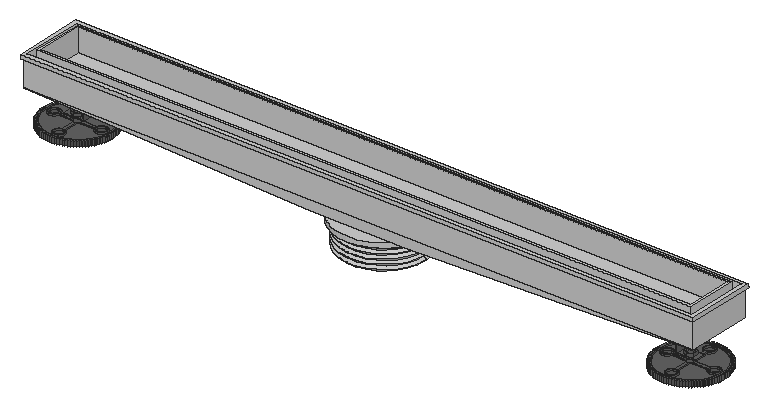
Revit family "C8971-Linear Shower Drain - 28 inch ", category Generic Models, Revit 2022
Family settings
  Can host rebar = No
  Round Connector Dimension = Use Diameter
  Part Type = Normal
  Work Plane-Based = No
  Always vertical = Yes
  Cut with Voids When Loaded = No
  Maintain Annotation Orientation = No
  Shared = No
  Room Calculation Point = No
Parameters (values of type "C8971- 28" linear Shower Drain (Tile-in)")
  Width = 70 mm
  URL = "https://kromedispense.co.in/"
  Model = "C8971"
  Length = 712 mm
  Holder Material = 4
  Gare Material = 3
  Gare Matel Material = 2
  Fram Material = 4
  Default Elevation = 0 mm
Reference planes
  plane 1 "Center (Front/Back)": y = 0
  plane 2: z = 0
  plane 3 "Center (Left/Right)": x = 0
  plane 4: x = -356
  plane 5: x = 356
  plane 6: y = 35
  plane 7: y = -35
  plane 8 "3": z = 73
  plane 9 "1": z = 31
  plane 10 "2": z = 41
  plane 11: x = -50
  plane 12: x = 50
  plane 13: x = -306
  plane 14: x = 306
Forms (mm)
  Sweep 1, solid, material "4" <- "Fram Material"
    path origin (0, 0, 73) x (-1, 0, 0) y (0, -1, 0)
      loop
        line (356, -35) -> (356, 35) -> (-356, 35) -> (-356, -35) -> (356, -35)
    profile origin (-356, 0, 73) x (1, 0, 0) y (0, 0, 1)
      loop
        line (-2, 0) -> (-2, -4) -> (0, -4) -> (0, -32) -> (2, -32) -> (2, 0) -> (-2, 0)
  Extrusion 2, solid, material "4" <- "Fram Material"
    sketch origin (0, 0, 0) x (1, 0, 0) y (0, 0, 1)
      loop
        line (-356, 41) -> (-50, 31) -> (50, 31) -> (356, 41) -> (-356, 41)
    from -35 to 35
  Extrusion 3, solid, material "2"
    sketch origin (-356, 0, 41) x (1, 0, 0) y (0, 1, 0)
      loop
        line (2, 33) -> (2, -33) -> (710, -33) -> (710, 33) -> (2, 33)
    from 0 to 1
  Sweep 4, solid, material "4" <- "Fram Material"
    path origin (-358, 37, 73) x (0, -1, 0) y (1, 0, 0)
      loop
        line (70, 4) -> (70, 712) -> (4, 712) -> (4, 4) -> (70, 4)
    profile origin (0, -33, 73) x (0, 1, 0) y (0, 0, 1)
      loop
        line (8, 3) -> (6, 3) -> (6, -31) -> (8, -31) -> (8, 3)
  Extrusion 5, solid, material "4" <- "Fram Material"
    sketch origin (-356, 0, 42) x (1, 0, 0) y (0, 1, 0)
      loop
        line (10, 25) -> (10, -25) -> (702, -25) -> (702, 25) -> (10, 25)
    from 0 to 10
Dimensions and locks
  equal spacing: plane 4, plane 3 "Center (Left/Right)", plane 5
  "Length": plane 4 to plane 5
  equal spacing: plane 6, plane 1 "Center (Front/Back)", plane 7
  "Width": plane 6 to plane 7
  plane 8 "3" to plane 2 = 73 mm
  equal spacing: plane 11, plane 3 "Center (Left/Right)", plane 12, locked at 50 each
  locked: plane 4 to plane 13 at 50
  locked: plane 14 to plane 5 at 50
  aligned and locked: level to plane 2
  aligned and locked: plane 1 "Center (Front/Back)" to nested 1
  aligned and locked: plane 3 "Center (Left/Right)" to nested 1
  aligned and locked: plane 1 "Center (Front/Back)" to nested 2
  aligned and locked: nested 3 to plane 1 "Center (Front/Back)"
  aligned and locked: plane 4 to Extrusion 2 sketch curve
  aligned and locked: plane 10 "2" to Extrusion 2 sketch curve  (x2)
  aligned and locked: plane 5 to Extrusion 2 sketch curve
  aligned and locked: plane 6 to Extrusion 2
  aligned and locked: plane 7 to Extrusion 2
  aligned and locked: Extrusion 3 sketch curve to Sweep 1  (x4)
  aligned and locked: plane 6 to Sweep 1 sketch curve
  aligned and locked: Sweep 1 sketch curve to plane 4
  aligned and locked: plane 7 to Sweep 1 sketch curve
  aligned and locked: Sweep 1 sketch curve to plane 5
  aligned and locked: Sweep 4 sketch curve to Sweep 1  (x4)
  aligned and locked: nested 2 to plane 13
  aligned and locked: plane 14 to nested 3
Automatic sketch dimensions
  Sweep 1 sketch curve to plane 8 "3" = 0 mm
  profile plane to Sweep 1 sketch curve = 0 mm
  profile plane to Sweep 1 sketch curve = 2 mm
  Sweep 1 sketch curve to Sweep 1 sketch curve = 2 mm
  Sweep 1 sketch curve to plane 8 "3" = 4 mm
  Sweep 1 sketch curve to Sweep 1 sketch curve = 28 mm
  Extrusion 2 sketch curve to plane 9 "1" = 0 mm
  Extrusion 2 sketch curve to plane 11 = 0 mm
  plane 12 to Extrusion 2 sketch curve = 0 mm
  Sweep 4 sketch curve to Sweep 4 sketch curve = 2 mm
  Sweep 4 sketch curve to profile plane = 6 mm
  profile plane to Sweep 4 sketch curve = 3 mm
  Sweep 4 sketch curve to profile plane = 31 mm
  Extrusion 5 sketch curve to Extrusion 3 = 8 mm  (x4)
Nested families
  nested 1: "Holder" at (0, 0, 0), type "Holder"
  nested 2: "Gare" at (-326.4, 0, 0), type "Gare"
  nested 3: "Gare" at (326.4, 0, 0) x (-1, 0, 0) z (0, 0, 1), type "Gare"
Definition of nested family "Holder"
  Parameters (values of type "Holder")
    Gare = none
    Default Elevation = 0 mm
  Reference planes
    plane 1 "Center (Front/Back)": y = 0
    plane 2: z = 0
    plane 3 "Center (Left/Right)": x = 0
    plane 4: x = -50
    plane 5: x = 50
    plane 6: y = 50
    plane 7: y = -50
    plane 8: z = 31
  Forms (mm)
    Revolve 1, solid, material <- "Gare"
      sketch origin (0, 0, 0) x (1, 0, 0) y (0, 0, 1)
        loop
          line (0, 31) -> (0, 0) -> (42.5, 0) -> (45, 2.5) -> (42.5, 5) -> (45, 7.5) -> (42.5, 10) -> (45, 12.5) -> (42.5, 15) -> (45, 17.5) -> (42.5, 20) -> (45, 22.5) -> (42.5, 25) -> (43.5, 26) -> (50, 26) -> (50, 31) -> (0, 31)
        axis (0, 0) -> (0, 31)
      angle from 0 to 360
  Dimensions and locks
    aligned and locked: level to plane 2
Definition of nested family "Gare"
  Parameters (values of type "Gare")
    Matel = none
    Gare = none
    Default Elevation = 0 mm
  Reference planes
    plane 1 "Center (Front/Back)": y = 0
    plane 2: z = 0
    plane 3 "Center (Left/Right)": x = 0
    plane 4: x = -36.5
    plane 5: x = 36.5
    plane 6: y = 36.5
    plane 7: y = -36.5
    plane 8: z = 41
    plane 9: z = 6
    plane 10: z = 11.5
    plane 11: z = 31
    plane 12: x = 20.4
  Forms (mm)
    Extrusion 1, solid, material <- "Gare"
      sketch origin (0, 0, 0) x (1, 0, 0) y (0, 1, 0)
        loop
          line (-36.5, 0) -> (-34.614, -1.089) -> (-36.428, -2.294) -> (-34.339, -3.331) -> (-36.19, -4.75) -> (-34.035, -5.643) -> (-35.786, -7.184) -> (-33.576, -7.93) -> (-35.219, -9.586) -> (-32.964, -10.18) -> (-34.491, -11.943) -> (-32.201, -12.384) -> (-33.605, -14.246) -> (-31.29, -14.531) -> (-32.566, -16.484) -> (-30.237, -16.612) -> (-31.378, -18.646) -> (-29.046, -18.617) -> (-30.046, -20.724) -> (-27.722, -20.537) -> (-28.578, -22.706) -> (-26.271, -22.363) -> (-26.978, -24.585) -> (-24.7, -24.087) -> (-25.256, -26.352) -> (-23.016, -25.7) -> (-23.418, -27.998) -> (-21.227, -27.196) -> (-21.473, -29.516) -> (-19.341, -28.568) -> (-19.429, -30.899) -> (-17.367, -29.81) -> (-17.298, -32.141) -> (-15.314, -30.915) -> (-15.087, -33.236) -> (-13.19, -31.879) -> (-12.807, -34.18) -> (-11.006, -32.697) -> (-10.468, -34.967) -> (-8.772, -33.366) -> (-8.082, -35.594) -> (-6.498, -33.883) -> (-5.659, -36.059) -> (-4.194, -34.244) -> (-3.21, -36.359) -> (-1.87, -34.449) -> (-0.746, -36.492) -> (0.461, -34.497) -> (1.721, -36.459) -> (2.791, -34.387) -> (4.181, -36.26) -> (5.108, -34.12) -> (6.621, -35.895) -> (7.401, -33.697) -> (9.031, -35.365) -> (9.661, -33.12) -> (11.399, -34.674) -> (11.876, -32.391) -> (13.716, -33.825) -> (14.037, -31.515) -> (15.97, -32.821) -> (16.135, -30.495) -> (18.151, -31.667) -> (18.158, -29.335) -> (20.249, -30.368) -> (20.098, -28.041) -> (22.254, -28.931) -> (21.947, -26.619) -> (24.158, -27.362) -> (23.695, -25.076) -> (25.951, -25.667) -> (25.335, -23.418) -> (27.626, -23.855) -> (26.859, -21.652) -> (29.174, -21.934) -> (28.261, -19.788) -> (30.59, -19.913) -> (29.533, -17.834) -> (31.865, -17.801) -> (30.671, -15.798) -> (32.995, -15.607) -> (31.668, -13.69) -> (33.974, -13.342) -> (32.52, -11.519) -> (34.798, -11.017) -> (33.224, -9.295) -> (35.463, -8.641) -> (33.776, -7.03) -> (35.965, -6.225) -> (34.174, -4.732) -> (36.304, -3.781) -> (34.416, -2.412) -> (36.476, -1.32) -> (34.5, -0.081) -> (36.482, 1.148) -> (34.427, 2.25) -> (36.321, 3.61) -> (34.196, 4.57) -> (35.994, 6.055) -> (33.809, 6.87) -> (35.503, 8.473) -> (33.268, 9.139) -> (34.849, 10.853) -> (32.574, 11.365) -> (34.036, 13.182) -> (31.732, 13.54) -> (33.068, 15.452) -> (30.745, 15.653) -> (31.949, 17.65) -> (29.617, 17.694) -> (30.683, 19.769) -> (28.354, 19.655) -> (29.277, 21.796) -> (26.961, 21.526) -> (27.738, 23.725) -> (25.445, 23.298) -> (26.072, 25.544) -> (23.813, 24.964) -> (24.286, 27.247) -> (22.072, 26.516) -> (22.39, 28.826) -> (20.23, 27.946) -> (20.391, 30.273) -> (18.296, 29.249) -> (18.3, 31.581) -> (16.278, 30.418) -> (16.124, 32.745) -> (14.186, 31.449) -> (13.875, 33.76) -> (12.029, 32.335) -> (11.563, 34.62) -> (9.817, 33.074) -> (9.197, 35.322) -> (7.56, 33.662) -> (6.79, 35.863) -> (5.268, 34.095) -> (4.351, 36.24) -> (2.953, 34.373) -> (1.893, 36.451) -> (0.624, 34.494) -> (-0.574, 36.495) -> (-1.708, 34.458) -> (-3.038, 36.373) -> (-4.032, 34.264) -> (-5.489, 36.085) -> (-6.338, 33.913) -> (-7.914, 35.632) -> (-8.615, 33.407) -> (-10.303, 35.016) -> (-10.852, 32.749) -> (-12.645, 34.239) -> (-13.04, 31.941) -> (-14.93, 33.307) -> (-15.168, 30.987) -> (-17.146, 32.222) -> (-17.227, 29.891) -> (-19.284, 30.99) -> (-19.207, 28.659) -> (-21.333, 29.617) -> (-21.099, 27.296) -> (-23.285, 28.108) -> (-22.895, 25.808) -> (-25.131, 26.47) -> (-24.586, 24.203) -> (-26.862, 24.712) -> (-26.165, 22.486) -> (-28.47, 22.841) -> (-27.625, 20.667) -> (-29.948, 20.865) -> (-28.958, 18.754) -> (-31.29, 18.794) -> (-30.159, 16.754) -> (-32.488, 16.637) -> (-31.222, 14.679) -> (-33.538, 14.404) -> (-32.142, 12.536) -> (-34.434, 12.105) -> (-32.915, 10.336) -> (-35.173, 9.751) -> (-33.539, 8.088) -> (-35.752, 7.353) -> (-34.008, 5.804) -> (-36.167, 4.921) -> (-34.323, 3.493) -> (-36.417, 2.466) -> (-34.48, 1.166) -> (-36.5, 0)
        loop
          circle (0, 0) r 33.5
      from 0 to 5
    Extrusion 2, solid, material <- "Gare"
      sketch origin (0, 0, 0) x (1, 0, 0) y (0, 1, 0)
        loop
          circle (0, 0) r 33.5
        loop
          circle (-25.159, 0) r 5
        loop
          circle (0, 25.159) r 5
        loop
          circle (0, -25.159) r 5
        loop
          circle (25.159, 0) r 5
      from 1 to 4
    Extrusion 3, solid, material <- "Gare"
      sketch origin (0, 0, 4) x (1, 0, 0) y (0, 1, 0)
        loop
          circle (-25.159, 0) r 5
        loop
          circle (0, 25.159) r 5
        loop
          circle (0, -25.159) r 5
        loop
          circle (25.159, 0) r 5
        loop
          arc (-19.35, 1.5) -> (-25.915, 5.952) -> (-31.159, 0) r 6
          arc (-31.159, 0) -> (-25.915, -5.952) -> (-19.35, -1.5) r 6
          line (-19.35, -1.5) -> (-1.5, -1.5) -> (-1.5, -19.35)
          arc (-1.5, -19.35) -> (-5.952, -25.915) -> (0, -31.159) r 6
          arc (0, -31.159) -> (5.952, -25.915) -> (1.5, -19.35) r 6
          line (1.5, -19.35) -> (1.5, -1.5) -> (19.35, -1.5)
          arc (19.35, -1.5) -> (25.915, -5.952) -> (31.159, 0) r 6
          arc (31.159, 0) -> (25.915, 5.952) -> (19.35, 1.5) r 6
          line (19.35, 1.5) -> (1.5, 1.5) -> (1.5, 19.35)
          arc (1.5, 19.35) -> (5.952, 25.915) -> (0, 31.159) r 6
          arc (0, 31.159) -> (-5.952, 25.915) -> (-1.5, 19.35) r 6
          line (-1.5, 19.35) -> (-1.5, 1.5) -> (-19.35, 1.5)
      from 0 to 1
    Extrusion 4, solid, material <- "Gare"
      sketch origin (0, 0, 0.5) x (0, -1, 0) y (-1, 0, 0)
        loop
          circle (0, 25.159) r 5
        loop
          circle (-25.159, 0) r 5
        loop
          circle (25.159, 0) r 5
        loop
          circle (0, -25.159) r 5
        loop
          line (-1.5, 19.35) -> (-1.5, 1.5) -> (-19.35, 1.5)
          arc (-19.35, 1.5) -> (-25.915, 5.952) -> (-31.159, 0) r 6
          arc (-31.159, 0) -> (-25.915, -5.952) -> (-19.35, -1.5) r 6
          line (-19.35, -1.5) -> (-1.5, -1.5) -> (-1.5, -19.35)
          arc (-1.5, -19.35) -> (-5.952, -25.915) -> (0, -31.159) r 6
          arc (0, -31.159) -> (5.952, -25.915) -> (1.5, -19.35) r 6
          line (1.5, -19.35) -> (1.5, -1.5) -> (19.35, -1.5)
          arc (19.35, -1.5) -> (25.915, -5.952) -> (31.159, 0) r 6
          arc (31.159, 0) -> (25.915, 5.952) -> (19.35, 1.5) r 6
          line (19.35, 1.5) -> (1.5, 1.5) -> (1.5, 19.35)
          arc (1.5, 19.35) -> (5.952, 25.915) -> (0, 31.159) r 6
          arc (0, 31.159) -> (-5.952, 25.915) -> (-1.5, 19.35) r 6
      from -0.5 to 0.5
    Extrusion 5, solid, material <- "Matel"
      sketch origin (-2411.137, -1524, 6) x (-1, 0, 0) y (0, -1, 0)
        loop
          line (-2416.137, -1526.887) -> (-2411.137, -1529.774) -> (-2406.137, -1526.887) -> (-2406.137, -1521.113) -> (-2411.137, -1518.226) -> (-2416.137, -1521.113) -> (-2416.137, -1526.887)
      from 0 to 3
    Extrusion 6, solid, material <- "Matel"
      sketch origin (0, 0, 5) x (1, 0, 0) y (0, 1, 0)
        loop
          circle (0, 0) r 3.5
      from 0 to 12.455
    Extrusion 7, solid, material <- "Matel"
      sketch origin (-2411.137, -1524, 11.5) x (-1, 0, 0) y (0, -1, 0)
        loop
          line (-2416.137, -1526.887) -> (-2411.137, -1529.774) -> (-2406.137, -1526.887) -> (-2406.137, -1521.113) -> (-2411.137, -1518.226) -> (-2416.137, -1521.113) -> (-2416.137, -1526.887)
      from 0 to 3
    Extrusion 8, solid, material <- "Matel"
      sketch origin (0, 0, 0) x (1, 0, 0) y (0, 0, 1)
        loop
          line (-10, 11.5) -> (-10, 10.7) -> (10.8, 10.7) -> (10.8, 40.2) -> (30, 40.2) -> (30, 41) -> (10, 41) -> (10, 11.5) -> (-10, 11.5)
      from -6 to 6
    Revolve 9, solid, material <- "Matel"
      sketch origin (0, 0, 0) x (1, 0, 0) y (0, 0, 1)
        loop
          line (20.4, 40.2) -> (20.4, 30.2) -> (23.351, 30.2)
          arc (23.351, 30.2) -> (23.06, 33.952) -> (23.4, 37.7) r 22.425
          line (23.4, 37.7) -> (23.4, 40.2) -> (20.4, 40.2)
        axis (20.4, 30.2) -> (20.4, 40.2)
      angle from 0 to 360
  Cuts and joins
    joined: Extrusion 1, Extrusion 2, Extrusion 3, Extrusion 4
  Dimensions and locks
    plane 11 to level = 31 mm
    plane 8 to level = 41 mm
    aligned and locked: level to plane 2
